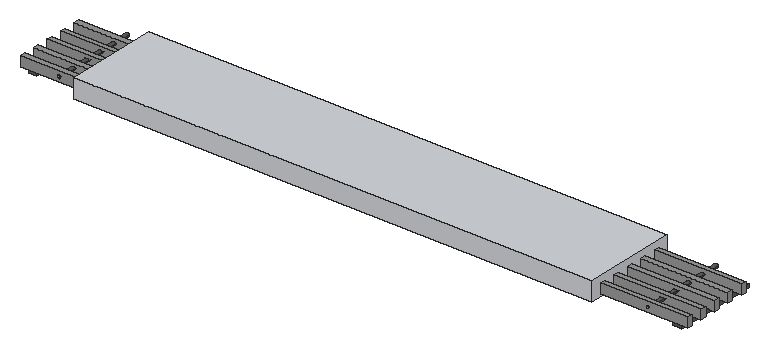
Revit family "1212-5, Solid", category Generic Models, host Face, Revit 2020
Family settings
  Host = Face
  Can host rebar = No
  Round Connector Dimension = Use Diameter
  Part Type = Normal
  Cut with Voids When Loaded = No
  Shared = No
  Room Calculation Point = No
Parameters
  min_value [instance] = 1' - 11 1/4"  # constant formula
  max_value [instance] = 11' - 11 1/4"  # constant formula
  actual_value [instance] = if(NET LENGTH < min_value, min_value, if(NET LENGTH > max_value, max_value, NET LENGTH))  # 7' - 11 1/4"
  NET LENGTH [instance] = 7' - 11 1/4"
  IMPORTANT NOTE!!!                                                                             *Backer & dowel layout is for visualization purposes only, final layout to be determined by 9Wood. [instance] = ""
  Default Elevation = 4' - 0"
  DOWEL RADIUS [instance] = 0' - 0 1/4"  # constant formula
  BACKING M MATERIAL [instance] = BLACK-BACKERS
  .. MEMBER WIDTH [instance] = 0' - 0 3/4"  # constant formula
  .. MEMBER MATERIAL [instance] = Solid Western Hemlock
  .. MEMBER DEPTH [instance] = 0' - 1 3/8"  # constant formula
  .. MEMBER COUNT [instance] = 5  # constant formula
Reference planes (in)
  plane 1 "Center (Front/Back)": y = 0
  plane 2: z = 2.726
  plane 3 "Center (Left/Right)": x = 0
Forms (in)
  Extrusion 1, solid
    sketch origin (15, -0.86619, -0.99308) x (0, 1, 0) y (-1, 0, 0)
      loop
        line (3.42869, -23.66817) -> (3.42869, 50.25) -> (-10, 50.25) -> (-10, -23.66817) -> (3.42869, -23.66817)
    from 3.71908 to 1.00111
Dimensions and locks (in)
  aligned and locked: plane 2 to Extrusion 1
Nested families (in)
  nested 1: "1200 Series" at (-44, -2, 1.87867), NET LENGTH <- "actual_value", DOWEL RADII <- "DOWEL RADIUS", .. MEMBER WIDTH <- ".. MEMBER WIDTH", .. MEMBER DEPTH <- ".. MEMBER DEPTH", .. MEMBER MATERIAL <- ".. MEMBER MATERIAL", BACKING M MATERIAL <- "BACKING M MATERIAL", .. MEMBER COUNT <- ".. MEMBER COUNT", type "1200 Series"
    with X 7' - 4", WIDTH 1' - 0 1/16", Space 0' - 0 11/16", START 0' - 0 3/8", SCRIM MATERIAL SCRIM, SCRIM 3 8' - 1", SCRIM 2 0' - 0 7/8", SCRIM 1 0' - 0 3/32", SCRIM yes, NET LENGTH 7' - 11 1/4", N 8, INSET 3 0' - 0 3/16", INSET 0' - 1", INDEX 0' - 5 5/8", END BACKER yes, DOWEL RADII 0' - 0 1/4", DOWEL COUNT 8, BACKING M WIDTH 0' - 1 1/4", BACKING M MATERIAL BLACK-BACKERS, BACKING M LENGTH 0' - 11 7/8", BACKING M DEPTH 0' - 0 1/2", .. MEMBER WIDTH 0' - 0 3/4", .. MEMBER OC TYP 0' - 2.4", .. MEMBER MATERIAL Solid Western Hemlock, .. MEMBER DEPTH 0' - 1 3/8", .. MEMBER COUNT 5
Definition of nested family "1200 Series"
  Parameters (values of type "1200 Series")
    X [instance] = NET LENGTH - (0' 3 5/8" * 2)  # 6' - 2"
    WIDTH [instance] = 1' - 0 1/16"
    Space [instance] = 0' - 0 11/16"  # constant formula
    START [instance] = .. MEMBER WIDTH / 2  # 0' - 0 3/8"
    SCRIM MATERIAL [instance] = none
    SCRIM 3 [instance] = NET LENGTH + (SCRIM 2 * 2)  # 6' - 11"
    SCRIM 2 [instance] = 0' - 0 7/8"
    SCRIM 1 [instance] = 0' - 0 3/32"
    SCRIM [instance] = yes
    NET LENGTH [instance] = 6' - 9 1/4"
    N [instance] = if((X - (rounddown(X / 1' 0") * 1' 0")) > 1' 0", rounddown(X / 1' 0") + 2, rounddown(X / 1' 0") + 1)  # 7
    INSET 3 [instance] = 0' - 0 3/16"
    INSET [instance] = 0' - 1"
    INDEX [instance] = (NET LENGTH - ((N - 1) * 1' 0")) / 2  # 0' - 4 5/8"
    END BACKER [instance] = yes
    Default Elevation = 0' - 0"
    DOWEL RADII [instance] = 0' - 0 1/4"
    DOWEL COUNT [instance] = N  # 7
    BACKING M WIDTH [instance] = 0' - 1 1/4"
    BACKING M MATERIAL [instance] = none
    BACKING M LENGTH [instance] = 0' - 11 7/8"
    BACKING M DEPTH [instance] = 0' - 0 1/2"
    .. MEMBER WIDTH [instance] = 0' - 0 3/4"
    .. MEMBER OC TYP [instance] = 1' 0" / .. MEMBER COUNT  # 0' - 3"
    .. MEMBER MATERIAL [instance] = none
    .. MEMBER DEPTH [instance] = 0' - 1 3/8"
    .. MEMBER COUNT [instance] = 4
  Reference planes (in)
    plane 1 "Center (Front/Back)": y = -7.5
    plane 2: z = 0
    plane 3 "Center (Left/Right)": x = 0
    plane 4: x = 1
    plane 5: x = 4.625
    plane 6: x = 81.25
    plane 7: x = 80.25
    plane 8: x = 16.625
    plane 9: y = -7.3125
    plane 10: y = -4.125
    plane 11: y = -7.125
    plane 12: y = 4.5625
    plane 13: y = -4.5
    plane 14: y = -7.59375
    plane 15: x = 82.125
    plane 16: y = 4.65625
    plane 17: x = -0.875
    plane 18: z = -1.375
    plane 19: z = -0.6875
  Lines and regions (in)
    model lines
      curve 1: line (4.375, -7.5, -0.6875) -> (4.875, -7.5, -0.6875)
    model lines, not visible
      curve 2: line (4.625, -7.5, -0.9375) -> (4.625, -7.5, -0.4375)
      curve 3: line (4.375, -7.5, -0.6875) -> (4.875, -7.5, -0.6875)
      curve 4: line (16.625, -7.5, -0.9375) -> (16.625, -7.5, -0.4375)
      curve 5: line (16.375, -7.5, -0.6875) -> (16.875, -7.5, -0.6875)
      curve 6: line (28.625, -7.5, -0.9375) -> (28.625, -7.5, -0.4375)
      curve 7: line (28.375, -7.5, -0.6875) -> (28.875, -7.5, -0.6875)
      curve 8: line (40.625, -7.5, -0.9375) -> (40.625, -7.5, -0.4375)
      curve 9: line (40.375, -7.5, -0.6875) -> (40.875, -7.5, -0.6875)
      curve 10: line (52.625, -7.5, -0.9375) -> (52.625, -7.5, -0.4375)
      curve 11: line (52.375, -7.5, -0.6875) -> (52.875, -7.5, -0.6875)
      curve 12: line (64.625, -7.5, -0.9375) -> (64.625, -7.5, -0.4375)
      curve 13: line (64.375, -7.5, -0.6875) -> (64.875, -7.5, -0.6875)
      curve 14: line (76.625, -7.5, -0.9375) -> (76.625, -7.5, -0.4375)
      curve 15: line (76.375, -7.5, -0.6875) -> (76.875, -7.5, -0.6875)
  Dimensions and locks (in)
    "NET LENGTH": plane 3 "Center (Left/Right)" to plane 6
    "INSET": plane 7 to plane 6
    "INDEX": plane 3 "Center (Left/Right)" to plane 5
    plane 5 to plane 8 = 1' - 0"
    "INSET 3": plane 1 "Center (Front/Back)" to plane 9
    equal spacing: group 1, group 2, group 3, group 4  (x3)
    "START": plane 11 to plane 1 "Center (Front/Back)"
    ".. MEMBER OC TYP": plane 10 to plane 11
    "WIDTH": plane 12 to plane 1 "Center (Front/Back)"
    "START": plane 10 to plane 13
    "SCRIM 1": plane 14 to plane 1 "Center (Front/Back)"
    "SCRIM 2": plane 6 to plane 15
    "SCRIM 1": plane 12 to plane 16
    "SCRIM 2": plane 17 to plane 3 "Center (Left/Right)"
    "INSET": plane 3 "Center (Left/Right)" to plane 4
    equal spacing: group 5, group 6, group 7, group 8, group 9, group 10, group 11  (x3)
    "Space": plane 19 to plane 18
    aligned and locked: level to plane 2
    aligned and locked: nested 1 to plane 4  (x2)
    aligned and locked: plane 7 to nested 2
    aligned and locked: plane 5 to nested 3
    aligned and locked: nested 1 to plane 9
    aligned and locked: plane 1 "Center (Front/Back)" to nested 4
    aligned and locked: plane 9 to nested 2
    aligned and locked: plane 13 to nested 5
    aligned and locked: nested 3 to plane 9
    aligned and locked: plane 18 to nested 1
    aligned and locked: plane 19 to nested 3
    aligned and locked: curve 1 to plane 19
    aligned and locked: plane 8 to curve 4
    aligned and locked: curve 5 to plane 19
    aligned and locked: nested 4 to plane 18
  Automatic sketch dimensions
    curve 1 to curve 1 = 0' - 0 1/2"
    curve 1 to plane 5 = 0' - 0 1/4"
    plane 5 to curve 1 = 0' - 0 1/4"
    curve 3 to curve 2 = 0' - 0 1/4"  (x2)
    curve 2 to curve 3 = 0' - 0 1/4"  (x2)
    curve 5 to curve 4 = 0' - 0 1/4"  (x2)
    curve 4 to curve 5 = 0' - 0 1/4"  (x2)
    curve 7 to curve 6 = 0' - 0 1/4"  (x2)
    curve 6 to curve 7 = 0' - 0 1/4"  (x2)
    curve 9 to curve 8 = 0' - 0 1/4"  (x2)
    curve 8 to curve 9 = 0' - 0 1/4"  (x2)
    curve 11 to curve 10 = 0' - 0 1/4"  (x2)
    curve 10 to curve 11 = 0' - 0 1/4"  (x2)
    curve 13 to curve 12 = 0' - 0 1/4"  (x2)
    curve 12 to curve 13 = 0' - 0 1/4"  (x2)
    curve 15 to curve 14 = 0' - 0 1/4"  (x2)
    curve 14 to curve 15 = 0' - 0 1/4"  (x2)
  Nested families (in)
    nested 1: "INSTANCE - 2ND -  EXTEND SIDE H CENTER W - Parametric Cube" at (1, -1.375, -1.375) x (0, -1, 0) z (0, 0, 1), Width <- "BACKING M LENGTH", Length <- "BACKING M WIDTH", Material <- "BACKING M MATERIAL", Height <- "BACKING M DEPTH", visible <- "END BACKER", type "INSTANCE - 2ND -  EXTEND SIDE H CENTER W - Parametric Cube"
      with Width 0' - 11 7/8", Material none, Length 0' - 1 1/4", Height 0' - 0 1/2"
    nested 2: "INSTANCE - 2ND -  EXTEND SIDE H CENTER W - Parametric Cube" at (80.25, -1.375, -1.375) x (0, -1, 0) z (0, 0, 1), Width <- "BACKING M LENGTH", Length <- "BACKING M WIDTH", Material <- "BACKING M MATERIAL", Height <- "BACKING M DEPTH", visible <- "END BACKER", type "INSTANCE - 2ND -  EXTEND SIDE H CENTER W - Parametric Cube"
      with Width 0' - 11 7/8", Material none, Length 0' - 1 1/4", Height 0' - 0 1/2"
    nested 3: "Family3" at (-5.375, -7.3125, -0.6875), DOWEL RADII <- "DOWEL RADII", BACKING MEM MATERIAL <- "BACKING M MATERIAL", type "Family3"
      with DOWEL RADII 0' - 0 1/4", DOWEL LENGTH 0' - 11 7/8", BACKING MEM MATERIAL none
    nested 4: "HOLED MEMBER" at (0, -18.75, 6.19404), DOWEL RADII <- "DOWEL RADII", .. MEMBER LENGTH <- "NET LENGTH", DOWEL COUNT <- "DOWEL COUNT", DEPTH <- ".. MEMBER DEPTH", .. MEMBER WIDTH <- ".. MEMBER WIDTH", Material <- ".. MEMBER MATERIAL", DOWEL INDEX <- "INDEX", Space 2 <- "Space", type "HOLED MEMBER"
      with Width 0' - 6", Space 2 0' - 0 11/16", Material none, Length 1' - 0", Height 0' - 10.43096", DOWEL RADII 0' - 0 1/4", DOWEL OC DIST 1' - 0", DOWEL INDEX 0' - 4 5/8", DOWEL COUNT 7, DEPTH 0' - 1 3/8", .. MEMBER WIDTH 0' - 0 3/4", .. MEMBER LENGTH 6' - 9 1/4"
    nested 5: "HOLED MEMBER" at (0, -15.75, 6.19404), DOWEL RADII <- "DOWEL RADII", .. MEMBER LENGTH <- "NET LENGTH", DOWEL COUNT <- "DOWEL COUNT", DEPTH <- ".. MEMBER DEPTH", .. MEMBER WIDTH <- ".. MEMBER WIDTH", Material <- ".. MEMBER MATERIAL", DOWEL INDEX <- "INDEX", Space 2 <- "Space", type "HOLED MEMBER"
      with Width 0' - 6", Space 2 0' - 0 11/16", Material none, Length 1' - 0", Height 0' - 10.43096", DOWEL RADII 0' - 0 1/4", DOWEL OC DIST 1' - 0", DOWEL INDEX 0' - 4 5/8", DOWEL COUNT 7, DEPTH 0' - 1 3/8", .. MEMBER WIDTH 0' - 0 3/4", .. MEMBER LENGTH 6' - 9 1/4"
    nested 6: "HOLED MEMBER" at (0, -12.75, 6.19404), DOWEL RADII <- "DOWEL RADII", .. MEMBER LENGTH <- "NET LENGTH", DOWEL COUNT <- "DOWEL COUNT", DEPTH <- ".. MEMBER DEPTH", .. MEMBER WIDTH <- ".. MEMBER WIDTH", Material <- ".. MEMBER MATERIAL", DOWEL INDEX <- "INDEX", Space 2 <- "Space", type "HOLED MEMBER"
      with Width 0' - 6", Space 2 0' - 0 11/16", Material none, Length 1' - 0", Height 0' - 10.43096", DOWEL RADII 0' - 0 1/4", DOWEL OC DIST 1' - 0", DOWEL INDEX 0' - 4 5/8", DOWEL COUNT 7, DEPTH 0' - 1 3/8", .. MEMBER WIDTH 0' - 0 3/4", .. MEMBER LENGTH 6' - 9 1/4"
    nested 7: "HOLED MEMBER" at (0, -9.75, 6.19404), DOWEL RADII <- "DOWEL RADII", .. MEMBER LENGTH <- "NET LENGTH", DOWEL COUNT <- "DOWEL COUNT", DEPTH <- ".. MEMBER DEPTH", .. MEMBER WIDTH <- ".. MEMBER WIDTH", Material <- ".. MEMBER MATERIAL", DOWEL INDEX <- "INDEX", Space 2 <- "Space", type "HOLED MEMBER"
      with Width 0' - 6", Space 2 0' - 0 11/16", Material none, Length 1' - 0", Height 0' - 10.43096", DOWEL RADII 0' - 0 1/4", DOWEL OC DIST 1' - 0", DOWEL INDEX 0' - 4 5/8", DOWEL COUNT 7, DEPTH 0' - 1 3/8", .. MEMBER WIDTH 0' - 0 3/4", .. MEMBER LENGTH 6' - 9 1/4"
    nested 8: "Family3" at (6.625, -7.3125, -0.6875), DOWEL RADII <- "DOWEL RADII", BACKING MEM MATERIAL <- "BACKING M MATERIAL", type "Family3"
      with DOWEL RADII 0' - 0 1/4", DOWEL LENGTH 0' - 11 7/8", BACKING MEM MATERIAL none
    nested 9: "Family3" at (18.625, -7.3125, -0.6875), DOWEL RADII <- "DOWEL RADII", BACKING MEM MATERIAL <- "BACKING M MATERIAL", type "Family3"
      with DOWEL RADII 0' - 0 1/4", DOWEL LENGTH 0' - 11 7/8", BACKING MEM MATERIAL none
    nested 10: "Family3" at (30.625, -7.3125, -0.6875), DOWEL RADII <- "DOWEL RADII", BACKING MEM MATERIAL <- "BACKING M MATERIAL", type "Family3"
      with DOWEL RADII 0' - 0 1/4", DOWEL LENGTH 0' - 11 7/8", BACKING MEM MATERIAL none
    nested 11: "Family3" at (42.625, -7.3125, -0.6875), DOWEL RADII <- "DOWEL RADII", BACKING MEM MATERIAL <- "BACKING M MATERIAL", type "Family3"
      with DOWEL RADII 0' - 0 1/4", DOWEL LENGTH 0' - 11 7/8", BACKING MEM MATERIAL none
    nested 12: "Family3" at (54.625, -7.3125, -0.6875), DOWEL RADII <- "DOWEL RADII", BACKING MEM MATERIAL <- "BACKING M MATERIAL", type "Family3"
      with DOWEL RADII 0' - 0 1/4", DOWEL LENGTH 0' - 11 7/8", BACKING MEM MATERIAL none
    nested 13: "Family3" at (66.625, -7.3125, -0.6875), DOWEL RADII <- "DOWEL RADII", BACKING MEM MATERIAL <- "BACKING M MATERIAL", type "Family3"
      with DOWEL RADII 0' - 0 1/4", DOWEL LENGTH 0' - 11 7/8", BACKING MEM MATERIAL none
  Definition of nested family "INSTANCE - 2ND -  EXTEND SIDE H CENTER W - Parametric Cube"
    Parameters (values of type "INSTANCE - 2ND -  EXTEND SIDE H CENTER W - Parametric Cube")
      Width [instance] = 0' - 6"
      Material [instance] = none
      Length [instance] = 1' - 0"
      Height [instance] = 1' - 6"
      Default Elevation = 0' - 0"
    Reference planes (in)
      plane 1 "Center (Front/Back)": y = 0
      plane 2: z = 0
      plane 3 "Center (Left/Right)": x = 0
      plane 4: x = -3
      plane 5: x = 3
      plane 6: y = 12
      plane 7: z = -18
    Forms (in)
      Extrusion 1, solid, material <- "Material"
        sketch origin (0, 6, 0) x (1, 0, 0) y (0, 1, 0)
          loop
            line (-3, 6) -> (-3, -6) -> (3, -6) -> (3, 6) -> (-3, 6)
        from -18 to 0
    Dimensions and locks (in)
      equal spacing: plane 4, plane 3 "Center (Left/Right)", plane 5
      "Width": plane 4 to plane 5
      "Height": plane 7 to level
      "Length": plane 1 "Center (Front/Back)" to plane 6
      aligned and locked: plane 2 to level
      aligned and locked: plane 4 to Extrusion 1 sketch curve
      aligned and locked: Extrusion 1 sketch curve to plane 5
      aligned and locked: Extrusion 1 to plane 7
      aligned and locked: plane 6 to Extrusion 1
    Automatic sketch dimensions
      plane 1 "Center (Front/Back)" to Extrusion 1 sketch curve = 0' - 0"
      plane 6 to Extrusion 1 sketch curve = 0' - 0"
  Definition of nested family "Family3"
    Parameters (values of type "Family3")
      Default Elevation = 0' - 0"
      DOWEL RADII [instance] = 0' - 0 5/8"
      DOWEL LENGTH [instance] = 0' - 5"
      BACKING MEM MATERIAL [instance] = none
    Reference planes (in)
      plane 1 "Center (Front/Back)": y = 0
      plane 2: z = 0
      plane 3 "Center (Left/Right)": x = 0
      plane 4: y = 5
    Forms (in)
      Extrusion 1, solid, material <- "BACKING MEM MATERIAL"
        sketch origin (10, 0, 0) x (1, 0, 0) y (0, 0, 1)
          loop
            circle (0, 0) r 0.625
        from 0 to -5
      Extrusion 2, solid, not visible
        sketch origin (0, 0, 0) x (1, 0, 0) y (0, 0, 1)
          loop
            circle (0, 0) r 0.625
        from 0 to 12
      Extrusion 3, solid, not visible
        sketch origin (10, 0, 0) x (1, 0, 0) y (0, 0, 1)
          loop
            circle (0, 0) r 0.625
        from 0 to 2.5
      Extrusion 4, solid, not visible
        sketch origin (10, 0, 0) x (1, 0, 0) y (0, 0, 1)
          loop
            circle (0, 0) r 0.625
        from 0 to -12
    Lines and regions (in)
      model lines, not visible
        curve 1: line (-13, 0, 0) -> (-13, -12, 0)
        curve 2: line (13, 0, 0) -> (13, -12, 0)
        curve 3: line (9.89453, 0, 0) -> (10.08794, 0, 0)
        curve 4: line (9.89453, -2.5, 0) -> (10.08794, -2.5, 0)
        curve 6: line (10, 0, 0) -> (10, 2, 0)
      model lines
        curve 5: line (10, 0, 0) -> (10, 2, 0)
    Dimensions and locks (in)
      "DOWEL LENGTH": plane 1 "Center (Front/Back)" to plane 4
      "DOWEL RADII": radius of Extrusion 1 sketch curve
      "DOWEL RADII": radius of Extrusion 2 sketch curve
      "DOWEL RADII": radius of Extrusion 3 sketch curve
      "DOWEL RADII": radius of Extrusion 4 sketch curve
      "DOWEL RADII": radius of Extrusion 1
      aligned and locked: plane 2 to level
      aligned and locked: Extrusion 1 to plane 1 "Center (Front/Back)"  (x3)
      aligned and locked: plane 1 "Center (Front/Back)" to Extrusion 1
      aligned and locked: plane 4 to Extrusion 1
    Automatic sketch dimensions
      plane 1 "Center (Front/Back)" to curve 5 = 0' - 0"
      curve 5 to plane 1 "Center (Front/Back)" = 0' - 2"
      plane 3 "Center (Left/Right)" to curve 5 = 0' - 10"
      Extrusion 1 sketch curve to level = 0' - 0"
      plane 3 "Center (Left/Right)" to Extrusion 1 sketch curve = 0' - 10"
  Definition of nested family "HOLED MEMBER"
    Parameters (values of type "HOLED MEMBER")
      Width [instance] = 0' - 6"
      Space 2 [instance] = 0' - 0 5/8"
      Space = 0' - 0 5/8"
      Material [instance] = none
      Length [instance] = 1' - 0"
      Height [instance] = 0' - 10.43096"
      Default Elevation = 0' - 0"
      DOWEL RADII [instance] = 0' - 0.34537"
      DOWEL OC DIST [instance] = 1' - 0"
      DOWEL INSET = 0' - 0 5/8"
      DOWEL INDEX [instance] = 0' - 5 5/8"
      DOWEL COUNT [instance] = 6
      DEPTH [instance] = 0' - 2"
      .. MEMBER WIDTH [instance] = 0' - 0 5/8"
      .. MEMBER LENGTH [instance] = 5' - 11 3/4"
    Reference planes (in)
      plane 1 "Center (Front/Back)": y = 12
      plane 2: z = -7.56904
      plane 3 "Center (Left/Right)": x = 0
      plane 4: x = 5.625
      plane 5: x = 17.625
      plane 6: y = 11.375
      plane 7: x = 71.75
      plane 8: z = -6.94404
      plane 9: z = -5.56904
    Forms (in)
      Extrusion 1, solid, material <- "Material"
        sketch origin (0, 12, -13.56904) x (1, 0, 0) y (0, 0, 1)
          loop
            line (0, 6) -> (71.75, 6) -> (71.75, 8) -> (0, 8) -> (0, 6)
        from 0.625 to 0
      Extrusion 2, void
        sketch origin (0, 12, -18.31904) x (1, 0, 0) y (0, 0, 1)
          loop
            circle (5.625, 11.375) r 0.34537
        from 0 to 12
      Extrusion 3, void, not visible
        sketch origin (0, 1.25, 0) x (1, 0, 0) y (0, 1, 0)
          loop
            circle (5.625, 11.375) r 0.34537
        from 0 to 12
      Extrusion 4, void, not visible
        sketch origin (0, 1.25, 0) x (1, 0, 0) y (0, 1, 0)
          loop
            circle (5.625, 11.375) r 0.34537
        from 0 to 12
      Extrusion 5, void, not visible
        sketch origin (12, 1.25, 0) x (1, 0, 0) y (0, 1, 0)
          loop
            circle (5.625, 11.375) r 0.34537
        from 0 to 12
      Extrusion 6, void, not visible
        sketch origin (0, 12, -16.31904) x (1, 0, 0) y (0, 0, 1)
          loop
            circle (5.625, 11.375) r 0.34537
        from 0 to 12
      Extrusion 7, void, not visible
        sketch origin (12, 12, -16.31904) x (1, 0, 0) y (0, 0, 1)
          loop
            circle (5.625, 11.375) r 0.34537
        from 0 to 12
      Extrusion 8, void, not visible
        sketch origin (0, 12, -18.31904) x (1, 0, 0) y (0, 0, 1)
          loop
            circle (5.625, 11.375) r 0.34537
        from 0 to 12
      Extrusion 9, void
        sketch origin (12, 12, -18.31904) x (1, 0, 0) y (0, 0, 1)
          loop
            circle (5.625, 11.375) r 0.34537
        from 0 to 12
      Extrusion 10, void, not visible
        sketch origin (24, 12, -16.31904) x (1, 0, 0) y (0, 0, 1)
          loop
            circle (5.625, 11.375) r 0.34537
        from 0 to 12
      Extrusion 11, void, not visible
        sketch origin (36, 12, -16.31904) x (1, 0, 0) y (0, 0, 1)
          loop
            circle (5.625, 11.375) r 0.34537
        from 0 to 12
      Extrusion 12, void, not visible
        sketch origin (48, 12, -16.31904) x (1, 0, 0) y (0, 0, 1)
          loop
            circle (5.625, 11.375) r 0.34537
        from 0 to 12
      Extrusion 13, void, not visible
        sketch origin (60, 12, -16.31904) x (1, 0, 0) y (0, 0, 1)
          loop
            circle (5.625, 11.375) r 0.34537
        from 0 to 12
      Extrusion 14, void, not visible
        sketch origin (24, 1.25, 0) x (1, 0, 0) y (0, 1, 0)
          loop
            circle (5.625, 11.375) r 0.34537
        from 0 to 12
      Extrusion 15, void, not visible
        sketch origin (36, 1.25, 0) x (1, 0, 0) y (0, 1, 0)
          loop
            circle (5.625, 11.375) r 0.34537
        from 0 to 12
      Extrusion 16, void, not visible
        sketch origin (48, 1.25, 0) x (1, 0, 0) y (0, 1, 0)
          loop
            circle (5.625, 11.375) r 0.34537
        from 0 to 12
      Extrusion 17, void, not visible
        sketch origin (60, 1.25, 0) x (1, 0, 0) y (0, 1, 0)
          loop
            circle (5.625, 11.375) r 0.34537
        from 0 to 12
      Extrusion 18, void
        sketch origin (24, 12, -18.31904) x (1, 0, 0) y (0, 0, 1)
          loop
            circle (5.625, 11.375) r 0.34537
        from 0 to 12
      Extrusion 19, void
        sketch origin (36, 12, -18.31904) x (1, 0, 0) y (0, 0, 1)
          loop
            circle (5.625, 11.375) r 0.34537
        from 0 to 12
      Extrusion 20, void
        sketch origin (48, 12, -18.31904) x (1, 0, 0) y (0, 0, 1)
          loop
            circle (5.625, 11.375) r 0.34537
        from 0 to 12
      Extrusion 21, void
        sketch origin (60, 12, -18.31904) x (1, 0, 0) y (0, 0, 1)
          loop
            circle (5.625, 11.375) r 0.34537
        from 0 to 12
    Cuts and joins
      Extrusion 2, Extrusion 9, Extrusion 18, Extrusion 19, Extrusion 20, Extrusion 21 cuts Extrusion 1
    Lines and regions (in)
      model lines, not visible
        curve 1: line (5.625, 11.72037, 0) -> (5.625, 11.02963, 0)
        curve 2: line (5.625, 11.72037, 0) -> (5.625, 11.02963, 0)
        curve 3: line (17.625, 11.72037, 0) -> (17.625, 11.02963, 0)
        curve 4: line (5.625, 12, -7.56904) -> (5.625, 11.87317, -7.56904)
        curve 5: line (5.625, 11.87317, -7.56904) -> (5.06195, 11.87317, -7.56904)
        curve 6: line (5.06195, 11.87317, -7.56904) -> (5.27963, 11.375, -7.56904)
        curve 7: line (0, 12, -6.19404) -> (0, 11.61951, -6.19404)
        curve 8: line (0, 11.375, -8.19404) -> (0, 11.6747, -8.19404)
        curve 9: line (5.625, 12, -7.56904) -> (5.625, 11.69863, -7.56904)
        curve 11: line (5.625, 12, 0) -> (5.625, 12, 0.30137)
        curve 12: line (5.625, 12, 0) -> (5.625, 12, 0.30137)
        curve 13: line (17.625, 12, 0) -> (17.625, 12, 0.30137)
        curve 14: line (5.625, 12, -5.56904) -> (5.625, 11.69863, -5.56904)
        curve 15: line (17.625, 12, -5.56904) -> (17.625, 11.69863, -5.56904)
        curve 16: line (5.625, 12, -7.56904) -> (5.625, 11.69863, -7.56904)
        curve 18: line (29.625, 12, -5.56904) -> (29.625, 11.69863, -5.56904)
        curve 19: line (41.625, 12, -5.56904) -> (41.625, 11.69863, -5.56904)
        curve 20: line (53.625, 12, -5.56904) -> (53.625, 11.69863, -5.56904)
        curve 21: line (65.625, 12, -5.56904) -> (65.625, 11.69863, -5.56904)
        curve 22: line (29.625, 11.72037, 0) -> (29.625, 11.02963, 0)
        curve 23: line (29.625, 12, 0) -> (29.625, 12, 0.30137)
        curve 24: line (41.625, 11.72037, 0) -> (41.625, 11.02963, 0)
        curve 25: line (41.625, 12, 0) -> (41.625, 12, 0.30137)
        curve 26: line (53.625, 11.72037, 0) -> (53.625, 11.02963, 0)
        curve 27: line (53.625, 12, 0) -> (53.625, 12, 0.30137)
        curve 28: line (65.625, 11.72037, 0) -> (65.625, 11.02963, 0)
        curve 29: line (65.625, 12, 0) -> (65.625, 12, 0.30137)
        curve 35: line (5.27963, 12.625, 0) -> (5.97037, 12.625, 0)
        curve 36: line (5.27963, 12.625, 0) -> (5.97037, 12.625, 0)
        curve 37: line (17.27963, 12.625, 0) -> (17.97037, 12.625, 0)
        curve 38: line (5.27963, 12, -4.94404) -> (5.97037, 12, -4.94404)
        curve 39: line (17.27963, 12, -4.94404) -> (17.97037, 12, -4.94404)
        curve 40: line (5.27963, 12, -6.94404) -> (5.97037, 12, -6.94404)
        curve 42: line (29.27963, 12, -4.94404) -> (29.97037, 12, -4.94404)
        curve 43: line (41.27963, 12, -4.94404) -> (41.97037, 12, -4.94404)
        curve 44: line (53.27963, 12, -4.94404) -> (53.97037, 12, -4.94404)
        curve 45: line (65.27963, 12, -4.94404) -> (65.97037, 12, -4.94404)
        curve 46: line (29.27963, 12.625, 0) -> (29.97037, 12.625, 0)
        curve 47: line (41.27963, 12.625, 0) -> (41.97037, 12.625, 0)
        curve 48: line (53.27963, 12.625, 0) -> (53.97037, 12.625, 0)
        curve 49: line (65.27963, 12.625, 0) -> (65.97037, 12.625, 0)
        curve 54: line (0, 12, -6.94404) -> (0, 4.22059, -6.94404)
        curve 55: line (0, 12.625, 0) -> (0, 12.625, 7.77941)
        curve 56: line (0, 12.625, 0) -> (0, 12.625, 7.77941)
        curve 57: line (12, 12.625, 0) -> (12, 12.625, 7.77941)
        curve 58: line (0, 12, -4.94404) -> (0, 4.22059, -4.94404)
        curve 59: line (12, 12, -4.94404) -> (12, 4.22059, -4.94404)
        curve 60: line (0, 12, -6.94404) -> (0, 4.22059, -6.94404)
        curve 61: line (12, 12, -6.94404) -> (12, 4.22059, -6.94404)
        curve 62: line (24, 12, -4.94404) -> (24, 4.22059, -4.94404)
        curve 63: line (36, 12, -4.94404) -> (36, 4.22059, -4.94404)
        curve 64: line (48, 12, -4.94404) -> (48, 4.22059, -4.94404)
        curve 65: line (60, 12, -4.94404) -> (60, 4.22059, -4.94404)
        curve 66: line (24, 12.625, 0) -> (24, 12.625, 7.77941)
        curve 67: line (36, 12.625, 0) -> (36, 12.625, 7.77941)
        curve 68: line (48, 12.625, 0) -> (48, 12.625, 7.77941)
        curve 69: line (60, 12.625, 0) -> (60, 12.625, 7.77941)
        curve 70: line (24, 12, -6.94404) -> (24, 4.22059, -6.94404)
        curve 71: line (36, 12, -6.94404) -> (36, 4.22059, -6.94404)
        curve 72: line (48, 12, -6.94404) -> (48, 4.22059, -6.94404)
        curve 73: line (60, 12, -6.94404) -> (60, 4.22059, -6.94404)
      model lines
        curve 10: line (5.625, 12, -7.56904) -> (5.625, 11.69863, -7.56904)
        curve 17: line (17.625, 12, -7.56904) -> (17.625, 11.69863, -7.56904)
        curve 30: line (29.625, 12, -7.56904) -> (29.625, 11.69863, -7.56904)
        curve 31: line (41.625, 12, -7.56904) -> (41.625, 11.69863, -7.56904)
        curve 32: line (53.625, 12, -7.56904) -> (53.625, 11.69863, -7.56904)
        curve 33: line (65.625, 12, -7.56904) -> (65.625, 11.69863, -7.56904)
        curve 34: line (5.27963, 12, -6.94404) -> (5.97037, 12, -6.94404)
        curve 41: line (17.27963, 12, -6.94404) -> (17.97037, 12, -6.94404)
        curve 50: line (29.27963, 12, -6.94404) -> (29.97037, 12, -6.94404)
        curve 51: line (41.27963, 12, -6.94404) -> (41.97037, 12, -6.94404)
        curve 52: line (53.27963, 12, -6.94404) -> (53.97037, 12, -6.94404)
        curve 53: line (65.27963, 12, -6.94404) -> (65.97037, 12, -6.94404)
    Dimensions and locks (in)
      "DOWEL INDEX": plane 3 "Center (Left/Right)" to plane 4
      "DOWEL OC DIST": plane 4 to plane 5
      ".. MEMBER LENGTH": plane 3 "Center (Left/Right)" to plane 7
      equal spacing: group 3, group 4, group 17, group 18, group 19, group 20  (x3)
      equal spacing: group 7, group 8, group 13, group 14, group 15, group 16  (x3)
      equal spacing: group 1, group 12, group 21, group 22, group 23, group 24  (x3)
      ".. MEMBER WIDTH": plane 6 to plane 1 "Center (Front/Back)"
      "DEPTH": plane 9 to level
      "Space 2": plane 8 to level
      "DOWEL RADII": radius of Extrusion 2 sketch curve
      "DOWEL RADII": radius of Extrusion 3 sketch curve
      "DOWEL RADII": radius of Extrusion 4 sketch curve
      "DOWEL RADII": radius of Extrusion 5 sketch curve
      "DOWEL RADII": radius of Extrusion 6 sketch curve
      "DOWEL RADII": radius of Extrusion 7 sketch curve
      "DOWEL RADII": radius of Extrusion 8 sketch curve
      "DOWEL RADII": radius of Extrusion 9 sketch curve
      "DOWEL RADII": radius of Extrusion 10 sketch curve
      "DOWEL RADII": radius of Extrusion 11 sketch curve
      "DOWEL RADII": radius of Extrusion 12 sketch curve
      "DOWEL RADII": radius of Extrusion 13 sketch curve
      "DOWEL RADII": radius of Extrusion 14 sketch curve
      "DOWEL RADII": radius of Extrusion 15 sketch curve
      "DOWEL RADII": radius of Extrusion 16 sketch curve
      "DOWEL RADII": radius of Extrusion 17 sketch curve
      "DOWEL RADII": radius of Extrusion 18 sketch curve
      "DOWEL RADII": radius of Extrusion 19 sketch curve
      "DOWEL RADII": radius of Extrusion 20 sketch curve
      "DOWEL RADII": radius of Extrusion 21 sketch curve
      aligned and locked: level to plane 2
      aligned and locked: Extrusion 1 to plane 3 "Center (Left/Right)"  (x2)
      aligned and locked: plane 7 to cut or joined group of Extrusion 1, Extrusion 2, Extrusion 9, Extrusion 18, Extrusion 19, Extrusion 20, Extrusion 21  (x2)
      aligned and locked: cut or joined group of Extrusion 1, Extrusion 2, Extrusion 9, Extrusion 18, Extrusion 19, Extrusion 20, Extrusion 21 to plane 1 "Center (Front/Back)"  (x2)
      aligned and locked: cut or joined group of Extrusion 1, Extrusion 2, Extrusion 9, Extrusion 18, Extrusion 19, Extrusion 20, Extrusion 21 to plane 6  (x2)
      aligned and locked: plane 4 to curve 10
      aligned and locked: plane 5 to curve 17
      aligned and locked: plane 9 to cut or joined group of Extrusion 1, Extrusion 2, Extrusion 9, Extrusion 18, Extrusion 19, Extrusion 20, Extrusion 21  (x2)
      aligned and locked: cut or joined group of Extrusion 1, Extrusion 2, Extrusion 9, Extrusion 18, Extrusion 19, Extrusion 20, Extrusion 21 to level
      aligned and locked: plane 8 to Extrusion 2
      aligned and locked: curve 34 to plane 8
      aligned and locked: curve 41 to plane 8
      aligned and locked: level to curve 10
      aligned and locked: curve 10 to level
      aligned and locked: plane 8 to cut or joined group of Extrusion 1, Extrusion 2, Extrusion 9, Extrusion 18, Extrusion 19, Extrusion 20, Extrusion 21
      aligned and locked: curve 54 to plane 8
    Automatic sketch dimensions
      curve 1 to curve 1 = 0' - 0.69074"
      curve 2 to curve 2 = 0' - 0.69074"
      curve 3 to curve 3 = 0' - 0.69074"
      Extrusion 1 sketch curve to plane 3 "Center (Left/Right)" = 0' - 0"
      Extrusion 1 sketch curve to plane 7 = 0' - 0"
      Extrusion 1 sketch curve to Extrusion 1 sketch curve = 0' - 2"
      level to Extrusion 1 sketch curve = 0' - 0"
      curve 9 to curve 9 = 0' - 0.30137"
      curve 10 to curve 10 = 0' - 0.30137"
      curve 11 to curve 11 = 0' - 0.30137"
      curve 12 to curve 12 = 0' - 0.30137"
      curve 13 to curve 13 = 0' - 0.30137"
      curve 14 to curve 14 = 0' - 0.30137"
      curve 15 to curve 15 = 0' - 0.30137"
      curve 16 to curve 16 = 0' - 0.30137"
      curve 17 to curve 17 = 0' - 0.30137"
      curve 18 to curve 18 = 0' - 0.30137"
      curve 19 to curve 19 = 0' - 0.30137"
      curve 20 to curve 20 = 0' - 0.30137"
      curve 21 to curve 21 = 0' - 0.30137"
      curve 22 to curve 22 = 0' - 0.69074"
      curve 23 to curve 23 = 0' - 0.30137"
      curve 24 to curve 24 = 0' - 0.69074"
      curve 25 to curve 25 = 0' - 0.30137"
      curve 26 to curve 26 = 0' - 0.69074"
      curve 27 to curve 27 = 0' - 0.30137"
      curve 28 to curve 28 = 0' - 0.69074"
      curve 29 to curve 29 = 0' - 0.30137"
      curve 30 to curve 30 = 0' - 0.30137"
      curve 31 to curve 31 = 0' - 0.30137"
      curve 32 to curve 32 = 0' - 0.30137"
      curve 33 to curve 33 = 0' - 0.30137"
      curve 34 to curve 34 = 0' - 0.69074"
      curve 35 to curve 35 = 0' - 0.69074"
      curve 36 to curve 36 = 0' - 0.69074"
      curve 37 to curve 37 = 0' - 0.69074"
      curve 38 to curve 38 = 0' - 0.69074"
      curve 39 to curve 39 = 0' - 0.69074"
      curve 40 to curve 40 = 0' - 0.69074"
      curve 41 to curve 41 = 0' - 0.69074"
      curve 42 to curve 42 = 0' - 0.69074"
      curve 43 to curve 43 = 0' - 0.69074"
      curve 44 to curve 44 = 0' - 0.69074"
      curve 45 to curve 45 = 0' - 0.69074"
      curve 46 to curve 46 = 0' - 0.69074"
      curve 47 to curve 47 = 0' - 0.69074"
      curve 48 to curve 48 = 0' - 0.69074"
      curve 49 to curve 49 = 0' - 0.69074"
      curve 50 to curve 50 = 0' - 0.69074"
      curve 51 to curve 51 = 0' - 0.69074"
      curve 52 to curve 52 = 0' - 0.69074"
      curve 53 to curve 53 = 0' - 0.69074"
      curve 54 to curve 54 = 0' - 7.77941"
      curve 55 to curve 55 = 0' - 7.77941"
      curve 56 to curve 56 = 0' - 7.77941"
      curve 57 to curve 57 = 0' - 7.77941"
      curve 58 to curve 58 = 0' - 7.77941"
      curve 59 to curve 59 = 0' - 7.77941"
      curve 60 to curve 60 = 0' - 7.77941"
      curve 61 to curve 61 = 0' - 7.77941"
      curve 62 to curve 62 = 0' - 7.77941"
      curve 63 to curve 63 = 0' - 7.77941"
      curve 64 to curve 64 = 0' - 7.77941"
      curve 65 to curve 65 = 0' - 7.77941"
      curve 66 to curve 66 = 0' - 7.77941"
      curve 67 to curve 67 = 0' - 7.77941"
      curve 68 to curve 68 = 0' - 7.77941"
      curve 69 to curve 69 = 0' - 7.77941"
      curve 70 to curve 70 = 0' - 7.77941"
      curve 71 to curve 71 = 0' - 7.77941"
      curve 72 to curve 72 = 0' - 7.77941"
      curve 73 to curve 73 = 0' - 7.77941"
